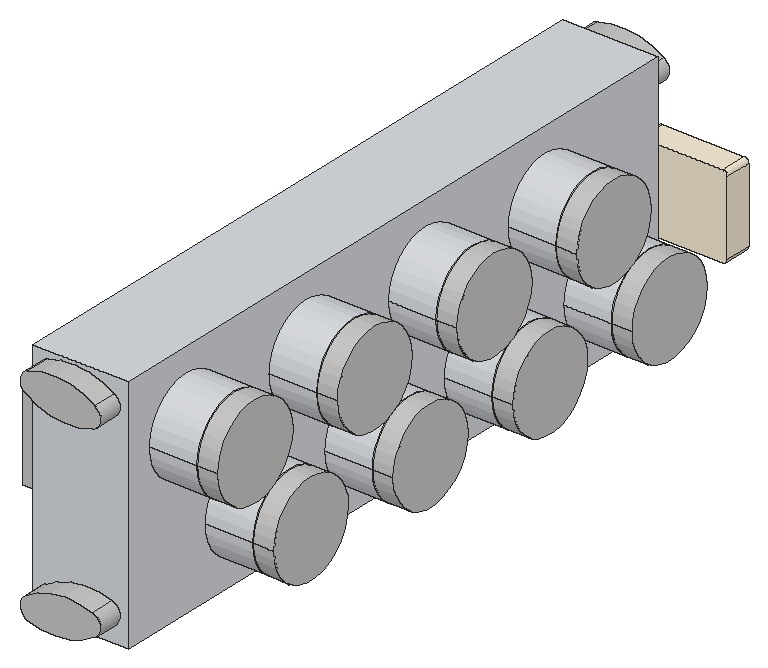
Revit family "HVAC_Ductwork_Airzone_Motorized-Plenum_Toshiba_Standard_8-Dampers", category Mechanical Equipment, Revit 2016
Family settings
  Part Type = Normal
  Round Connector Dimension = Use Diameter
  OmniClass Number = 23.75.70.14
  OmniClass Title = Air Ductwork
  Work Plane-Based = No
  Always vertical = Yes
  Cut with Voids When Loaded = No
  Shared = No
  Room Calculation Point = No
Parameters (values of type "TOSST01L8")
  Voltage = 230 V
  URL = "www.airzone.es"
  Type Image Comments = "Image available in product documentation download"  # constant formula
  Revit Model Version = "1.0"  # constant formula
  Revit Model Author URL = "www.a3d.es"
  Revit Model Author = "A3D Consulting"  # constant formula
  Product Documentation Download URL = "http://doc.airzone.es/BIM/Easyzone/Toshiba-Airzone_motorized_plenum.zip"
  Product Comments = "Refer to technical documentation for further details"  # constant formula
  Power Factor = 1
  Neck Width = 1163.600 mm
  Neck Length = 95.000 mm
  Neck Height = 213.600 mm
  Material = Metal - AIRZONE - Galvanized Sheet - Semi-polished
  Main Control Board Material = Plastic - AIRZONE - Smooth - Off-white
  Load Classification = Other
  Insulated Body Width = 205.000 mm  # constant formula
  Insulated Body Material = Metal -AIRZONE - Insulating Lining -Aluminum Finish
  Insulated Body Length = 1425.000 mm  # constant formula
  Insulated Body Height = 515.000 mm  # constant formula
  Fresh Air Inlet 4 Flow [instance] = 0 m³/h
  Fresh Air Inlet 3 Flow [instance] = 0 m³/h
  Flow [instance] = Damper 8 Air Flow + Damper 7 Air Flow + Damper 6 Air Flow + Damper 5 Air Flow + Damper 4 Air Flow + Damper 3 Air Flow + Damper 2 Air Flow + Damper 1 Air Flow - Fresh Air Inlet 4 Flow - Fresh Air Inlet 3 Flow - Fresh Air Inlet 2 Flow - Fresh Air Inlet 1 Flow  # 2400 m³/h
  Fresh Air Inlet 1 Flow [instance] = 0 m³/h
  Fresh Air Inlet 2 Flow [instance] = 0 m³/h
  Fresh Air Inlet Connection Width = 175.000 mm
  Fresh Air Inlet Connection Height = 75.000 mm
  Model = "TOSST01L8"
  Neck Side Offset = 170.700 mm
  Neck Bottom Offset = 170.700 mm
  Type Image = <None>
  Manufacturer = "AIRZONE"  # constant formula
  Main Control Board Depth = 57.000 mm  # constant formula
  Main Control Board Width = 195.000 mm  # constant formula
  Main Control Board Height = 180.000 mm  # constant formula
  Fixing = ""
  Disclaimer = "All information provided in this model is reviewed before being published. However, Airzone cannot guarantee this model is error-free, therefore users are strongly encouraged to check for technical documentation and updates"  # constant formula
  Description = "Airzone standard motorized plenum with neck that mechanically adapts to the main ducted AC units of Toshiba."
  Type Comments = ""
  Dampers Length = 149.000 mm  # constant formula
  Dampers Diameter = 200.000 mm  # constant formula
  Damper 8 Air Flow [instance] = 300 m³/h
  Damper 7 Air Flow [instance] = 300 m³/h
  Damper 6 Air Flow [instance] = 300 m³/h
  Damper 5 Air Flow [instance] = 300 m³/h
  Damper 4 Air Flow [instance] = 300 m³/h
  Damper 1 Air Flow [instance] = 300 m³/h
  Damper 2 Air Flow [instance] = 300 m³/h
  Damper 3 Air Flow [instance] = 300 m³/h
  Fresh Air Inlet Connection Offset Height = 48.305 mm  # constant formula
  Compatible Accesories = ""
  Apparent Load = 57.5 VA
Types (4, lengths in mm): name | Neck Width | Neck Height | Model | Neck Side Offset | Neck Bottom Offset
  TOSST04L8 | 1343.600 | 183.600 | "TOSST04L8" | 40.700 | 194.700
  TOSST03L8 | 1343.600 | 183.600 | "TOSST03L8" | 40.700 | 183.200
  TOSST02L8 | 1155.600 | 220.600 | "TOSST02L8" | 174.700 | 164.700
  TOSST01L8 | 1163.600 | 213.600 | "TOSST01L8" | 170.700 | 170.700
Reference planes
  plane 1 "Center (Front/Back)": y = 0
  plane 2 "Center (Elevation)": z = 0
  plane 3 "Center (Left/Right)": x = 0
  plane 4 "Neck Back": y = 581.8
  plane 5 "Neck Front": y = -581.8
  plane 6 "Neck Top": z = 106.8
  plane 7 "Neck Bottom": z = -106.8
  plane 8 "Left": x = 95
  plane 9 "Bottom": z = -277.5
  plane 10 "Top": z = 237.5
  plane 11 "Front": y = -672.5
  plane 12 "Back": y = 752.5
  plane 13 "Right": x = 300
  plane 14 "Dampers Front": x = 449
  plane 15 "Dampers L1 Center (Elevation)": z = 87.5
  plane 16 "Damper3": y = -195.84
  plane 17 "Damper2": y = 125.83
  plane 18 "Damper1": y = 447.5
  plane 19 "Middle": y = 40
  plane 20 "FreshAir L2 Center (Elevation)": z = -229.195
  plane 21 "FreshAir1": y = 805
  plane 22 "FreshAir2": y = -725
  plane 23 "Dampers Lining": x = 404
  plane 24 "FreshAir Vertical Axis": x = 195.83
  plane 25 "ConnectionBox Side": x = 254
  plane 26 "Main Control Board Center (Left/Right)": x = 351.5
  plane 27 "Damper4": y = -517.51
  plane 28 "Dampers L2 Center (Elevation)": z = -127.5
  plane 29 "Damper5": y = 597.51
  plane 30 "Damper6": y = 275.84
  plane 31 "Damper7": y = -45.83
  plane 32 "Damper8": y = -367.5
  plane 33 "InsulatedBody Center (Elevation)": z = -20
  plane 34 "FreshAir L1 Center (Elevation)": z = 189.195
Forms (mm)
  Extrusion 1, solid, material "Metal - AIRZONE - Galvanized Sheet - Semi-polished" <- "Material"
    sketch origin (0, 0, 0) x (0, 1, 0) y (0, 0, 1)
      loop
        line (-581.8, 106.8) -> (-581.8, -106.8) -> (581.8, -106.8) -> (581.8, 106.8) -> (-581.8, 106.8)
    from 0 to 95
  Extrusion 2, solid, material "Metal -AIRZONE - Insulating Lining -Aluminum Finish" <- "Insulated Body Material"
    sketch origin (95, 0, 0) x (0, 1, 0) y (0, 0, 1)
      loop
        line (-672.5, 237.5) -> (-672.5, -277.5) -> (752.5, -277.5) -> (752.5, 237.5) -> (-672.5, 237.5)
    from 0 to 205
  Extrusion 3, solid, material "Metal - AIRZONE - Galvanized Sheet - Semi-polished" <- "Material"
    sketch origin (300, 0, 0) x (0, 1, 0) y (0, 0, 1)
      loop
        circle (-195.84, 87.5) r 100
    from 104 to 149
  Extrusion 4, solid, material "Metal - AIRZONE - Galvanized Sheet - Semi-polished" <- "Material"
    sketch origin (300, 0, 0) x (0, 1, 0) y (0, 0, 1)
      loop
        circle (125.83, 87.5) r 100
    from 104 to 149
  Extrusion 5, solid, material "Metal - AIRZONE - Galvanized Sheet - Semi-polished" <- "Material"
    sketch origin (300, 0, 0) x (0, 1, 0) y (0, 0, 1)
      loop
        circle (447.5, 87.5) r 100
    from 104 to 149
  Extrusion 6, solid, material "Metal - AIRZONE - Galvanized Sheet - Semi-polished" <- "Material"
    sketch origin (0, -672.5, 0) x (0, 0, 1) y (1, 0, 0)
      loop
        arc (-196.641, 265.204) -> (-218.108, 282.105) -> (-242.812, 270.434) r 25.96
        arc (-242.812, 270.434) -> (-268.802, 200.598) -> (-261.349, 126.456) r 164.67
        arc (-261.349, 126.456) -> (-240.165, 109.589) -> (-215.494, 120.751) r 25.96
        arc (-215.494, 120.751) -> (-189.225, 190.78) -> (-196.641, 265.204) r 164.67
    from 0 to -52.5
  Extrusion 7, solid, material "Metal - AIRZONE - Galvanized Sheet - Semi-polished" <- "Material"
    sketch origin (0, 752.5, 0) x (0, 0, 1) y (1, 0, 0)
      loop
        arc (-196.641, 265.204) -> (-217.825, 282.071) -> (-242.496, 270.909) r 25.96
        arc (-242.496, 270.909) -> (-268.679, 201.53) -> (-261.767, 127.699) r 164.67
        arc (-261.767, 127.699) -> (-240.532, 109.637) -> (-215.178, 121.226) r 25.96
        arc (-215.178, 121.226) -> (-189.188, 191.062) -> (-196.641, 265.204) r 164.67
    from 0 to 52.5
  Extrusion 8, solid, material "Metal -AIRZONE - Insulating Lining -Aluminum Finish" <- "Insulated Body Material"
    sketch origin (300, 0, 0) x (0, 1, 0) y (0, 0, 1)
      loop
        circle (447.5, 87.5) r 100
    from 0 to 104
  Extrusion 9, solid, material "Metal -AIRZONE - Insulating Lining -Aluminum Finish" <- "Insulated Body Material"
    sketch origin (300, -260, 0) x (0, 1, 0) y (0, 0, 1)
      loop
        circle (385.83, 87.5) r 100
    from 0 to 104
  Extrusion 10, solid, material "Metal -AIRZONE - Insulating Lining -Aluminum Finish" <- "Insulated Body Material"
    sketch origin (300, -520, 0) x (0, 1, 0) y (0, 0, 1)
      loop
        circle (324.16, 87.5) r 100
    from 0 to 104
  Extrusion 11, solid, material "Metal - AIRZONE - Galvanized Sheet - Semi-polished" <- "Material"
    sketch origin (300, -190, 0) x (0, 1, 0) y (0, 0, 1)
      loop
        circle (-327.51, 87.5) r 100
    from 104 to 149
  Extrusion 12, solid, material "Metal -AIRZONE - Insulating Lining -Aluminum Finish" <- "Insulated Body Material"
    sketch origin (300, -710, 0) x (0, 1, 0) y (0, 0, 1)
      loop
        circle (192.49, 87.5) r 100
    from 0 to 104
  Extrusion 13, solid, material "Metal -AIRZONE - Insulating Lining -Aluminum Finish" <- "Insulated Body Material"
    sketch origin (300, -100, 0) x (0, 1, 0) y (0, 0, 1)
      loop
        circle (697.51, -127.5) r 100
    from 0 to 104
  Extrusion 14, solid, material "Metal - AIRZONE - Galvanized Sheet - Semi-polished" <- "Material"
    sketch origin (300, 150.01, 0) x (0, 1, 0) y (0, 0, 1)
      loop
        circle (447.5, -127.5) r 100
    from 104 to 149
  Extrusion 15, solid, material "Metal -AIRZONE - Insulating Lining -Aluminum Finish" <- "Insulated Body Material"
    sketch origin (300, -421.67, 0) x (0, 1, 0) y (0, 0, 1)
      loop
        circle (697.51, -127.5) r 100
    from 0 to 104
  Extrusion 16, solid, material "Metal - AIRZONE - Galvanized Sheet - Semi-polished" <- "Material"
    sketch origin (300, -171.66, 0) x (0, 1, 0) y (0, 0, 1)
      loop
        circle (447.5, -127.5) r 100
    from 104 to 149
  Extrusion 17, solid, material "Metal -AIRZONE - Insulating Lining -Aluminum Finish" <- "Insulated Body Material"
    sketch origin (300, -743.34, 0) x (0, 1, 0) y (0, 0, 1)
      loop
        circle (697.51, -127.5) r 100
    from 0 to 104
  Extrusion 18, solid, material "Metal - AIRZONE - Galvanized Sheet - Semi-polished" <- "Material"
    sketch origin (300, -493.33, 0) x (0, 1, 0) y (0, 0, 1)
      loop
        circle (447.5, -127.5) r 100
    from 104 to 149
  Extrusion 19, solid, material "Metal -AIRZONE - Insulating Lining -Aluminum Finish" <- "Insulated Body Material"
    sketch origin (300, -1065.01, 0) x (0, 1, 0) y (0, 0, 1)
      loop
        circle (697.51, -127.5) r 100
    from 0 to 104
  Extrusion 20, solid, material "Metal - AIRZONE - Galvanized Sheet - Semi-polished" <- "Material"
    sketch origin (300, -815, 0) x (0, 1, 0) y (0, 0, 1)
      loop
        circle (447.5, -127.5) r 100
    from 104 to 149
  Extrusion 21, solid, material "Metal - AIRZONE - Galvanized Sheet - Semi-polished" <- "Material"
    sketch origin (0, -672.5, -30) x (0, 0, -1) y (-1, 0, 0)
      loop
        arc (-186.641, -265.204) -> (-179.225, -190.78) -> (-205.494, -120.751) r 164.67
        arc (-205.494, -120.751) -> (-230.165, -109.589) -> (-251.349, -126.456) r 25.96
        arc (-251.349, -126.456) -> (-258.802, -200.598) -> (-232.812, -270.434) r 164.67
        arc (-232.812, -270.434) -> (-208.108, -282.105) -> (-186.641, -265.204) r 25.96
    from 0 to -52.5
  Extrusion 22, solid, material "Metal - AIRZONE - Galvanized Sheet - Semi-polished" <- "Material"
    sketch origin (0, 752.5, -30) x (0, 0, -1) y (-1, 0, 0)
      loop
        arc (-186.641, -265.204) -> (-179.188, -191.062) -> (-205.178, -121.226) r 164.67
        arc (-205.178, -121.226) -> (-230.532, -109.637) -> (-251.767, -127.699) r 25.96
        arc (-251.767, -127.699) -> (-258.679, -201.53) -> (-232.496, -270.909) r 164.67
        arc (-232.496, -270.909) -> (-207.825, -282.071) -> (-186.641, -265.204) r 25.96
    from 0 to 52.5
Lines and regions (mm)
  Masking region 1
    outline origin (0, 0, 0) x (1, 0, 0) y (0, 1, 0)
      loop
        line (95, 752.5) -> (95, -672.5) -> (300, -672.5) -> (300, 752.5) -> (95, 752.5)
  Masking region 2, detail levels medium+fine
    outline origin (0, 0, 0) x (1, 0, 0) y (0, 1, 0)
      loop
        line (0, 581.8) -> (0, -581.8) -> (95, -581.8) -> (95, 581.8) -> (0, 581.8)
  Masking region 3, detail levels medium+fine
    outline origin (0, 0, -229.195) x (1, 0, 0) y (0, 1, 0)
      loop
        line (108.33, 805) -> (108.33, 752.5) -> (283.33, 752.5) -> (283.33, 805) -> (108.33, 805)
  Masking region 4, detail levels medium+fine
    outline origin (0, 0, -229.195) x (1, 0, 0) y (0, 1, 0)
      loop
        line (108.33, -672.5) -> (108.33, -725) -> (283.33, -725) -> (283.33, -672.5) -> (108.33, -672.5)
  Masking region 5, detail levels medium+fine
    outline origin (0, 0, 0) x (1, 0, 0) y (0, 1, 0)
      loop
        line (254, 809.5) -> (254, 752.5) -> (449, 752.5) -> (449, 809.5) -> (254, 809.5)
  Masking region 6, detail levels medium+fine
    outline origin (0, 0, 87.5) x (0, -1, 0) y (1, 0, 0)
      loop
        line (417.51, 300) -> (617.51, 300) -> (617.51, 449) -> (417.51, 449) -> (417.51, 300)
  Masking region 7, detail levels medium+fine
    outline origin (0, 321.67, 87.5) x (0, -1, 0) y (1, 0, 0)
      loop
        line (417.51, 300) -> (617.51, 300) -> (617.51, 449) -> (417.51, 449) -> (417.51, 300)
  Masking region 8, detail levels medium+fine
    outline origin (0, 643.34, 87.5) x (0, -1, 0) y (1, 0, 0)
      loop
        line (417.51, 300) -> (617.51, 300) -> (617.51, 449) -> (417.51, 449) -> (417.51, 300)
  Masking region 9, detail levels medium+fine
    outline origin (0, 965.01, 87.5) x (0, -1, 0) y (1, 0, 0)
      loop
        line (417.51, 300) -> (617.51, 300) -> (617.51, 449) -> (417.51, 449) -> (417.51, 300)
  Masking region 10, detail levels medium+fine
    outline origin (0, 0, -127.5) x (0, -1, 0) y (1, 0, 0)
      loop
        line (-697.51, 300) -> (-497.51, 300) -> (-497.51, 449) -> (-697.51, 449) -> (-697.51, 300)
  Masking region 11, detail levels medium+fine
    outline origin (0, -321.67, -127.5) x (0, -1, 0) y (1, 0, 0)
      loop
        line (-697.51, 300) -> (-497.51, 300) -> (-497.51, 449) -> (-697.51, 449) -> (-697.51, 300)
  Masking region 12, detail levels medium+fine
    outline origin (0, -643.34, -127.5) x (0, -1, 0) y (1, 0, 0)
      loop
        line (-697.51, 300) -> (-497.51, 300) -> (-497.51, 449) -> (-697.51, 449) -> (-697.51, 300)
  Masking region 13, detail levels medium+fine
    outline origin (0, -965.01, -127.5) x (0, -1, 0) y (1, 0, 0)
      loop
        line (-697.51, 300) -> (-497.51, 300) -> (-497.51, 449) -> (-697.51, 449) -> (-697.51, 300)
  symbolic lines, detail levels coarse
    curve 1: line (95, -672.5, 0) -> (300, 40, 0)
    curve 2: line (300, 40, 0) -> (95, 752.5, 0)
Dimensions and locks
  equal spacing: plane 4 "Neck Back", plane 1 "Center (Front/Back)", plane 5 "Neck Front"
  "Neck Width": plane 4 "Neck Back" to plane 5 "Neck Front"
  equal spacing: plane 6 "Neck Top", level, plane 7 "Neck Bottom"
  "Neck Height": plane 6 "Neck Top" to plane 7 "Neck Bottom"
  "Neck Length": plane 3 "Center (Left/Right)" to plane 8 "Left"
  "Neck Bottom Offset": plane 7 "Neck Bottom" to plane 9 "Bottom"
  "Insulated Body Height": plane 10 "Top" to plane 9 "Bottom"
  "Insulated Body Length": plane 12 "Back" to plane 11 "Front"
  "Insulated Body Width": plane 8 "Left" to plane 13 "Right"
  "Dampers Length": plane 13 "Right" to plane 14 "Dampers Front"
  equal spacing: plane 12 "Back", plane 19 "Middle", plane 11 "Front"
  plane 8 "Left" to plane 13 "Right" = 205.000 mm
  "Fresh Air Inlet Connection Offset Height": plane 20 "FreshAir L2 Center (Elevation)" to plane 9 "Bottom"
  locked: Extrusion 6 sketch curve to plane 9 "Bottom" at 56.47
  locked: plane 13 "Right" to Extrusion 6 sketch curve at 43.69
  locked: plane 13 "Right" to Extrusion 6 sketch curve at 164.65
  locked: Extrusion 6 sketch curve to plane 9 "Bottom" at 40.54
  locked: plane 13 "Right" to Extrusion 6 sketch curve at 87.91
  locked: plane 9 "Bottom" to Extrusion 6 sketch curve at 75.01
  locked: plane 13 "Right" to Extrusion 6 sketch curve at 120.43
  locked: Extrusion 6 sketch curve to plane 9 "Bottom" at 172.02
  locked: plane 13 "Right" to Extrusion 7 sketch curve at 43.69
  locked: Extrusion 7 sketch curve to plane 9 "Bottom" at 56.47
  locked: Extrusion 7 sketch curve to plane 9 "Bottom" at 40.54
  locked: plane 13 "Right" to Extrusion 7 sketch curve at 164.65
  locked: plane 13 "Right" to Extrusion 7 sketch curve at 120.43
  locked: Extrusion 7 sketch curve to plane 9 "Bottom" at 172.02
  locked: plane 9 "Bottom" to Extrusion 7 sketch curve at 75.01
  locked: plane 13 "Right" to Extrusion 7 sketch curve at 87.91
  "Neck Side Offset": plane 12 "Back" to plane 4 "Neck Back"
  locked: plane 21 "FreshAir1" to plane 12 "Back" at 52.5
  plane 11 "Front" to plane 22 "FreshAir2" = 52.500 mm
  locked: connector elem to plane 13 "Right" at 104.17
  locked: plane 20 "FreshAir L2 Center (Elevation)" to connector elem
  locked: plane 13 "Right" to connector elem at 104.17
  locked: connector elem to plane 20 "FreshAir L2 Center (Elevation)"
  locked: plane 23 "Dampers Lining" to plane 14 "Dampers Front" at 45
  locked: plane 24 "FreshAir Vertical Axis" to plane 13 "Right" at 104.17
  equal spacing: Masking region 3 sketch curve, plane 24 "FreshAir Vertical Axis", Masking region 3 sketch curve
  "Fresh Air Inlet Connection Width": Masking region 3 sketch curve to Masking region 3 sketch curve
  equal spacing: Masking region 4 sketch curve, plane 24 "FreshAir Vertical Axis", Masking region 4 sketch curve
  "Fresh Air Inlet Connection Width": Masking region 4 sketch curve to Masking region 4 sketch curve
  "Main Control Board Depth": Masking region 5 sketch curve to plane 12 "Back"
  "Main Control Board Width": plane 25 "ConnectionBox Side" to plane 14 "Dampers Front"
  equal spacing: plane 25 "ConnectionBox Side", plane 26 "Main Control Board Center (Left/Right)", plane 14 "Dampers Front"
  equal spacing: Masking region 6 sketch curve, plane 27 "Damper4", Masking region 6 sketch curve
  "Dampers Diameter": Masking region 6 sketch curve to Masking region 6 sketch curve
  plane 18 "Damper1" to plane 17 "Damper2" to plane 16 "Damper3" to plane 27 "Damper4" = 321.670 mm locked, 321.670 mm locked, 321.670 mm locked
  locked: plane 17 "Damper2" to plane 19 "Middle" at 85.83
  locked: plane 10 "Top" to plane 15 "Dampers L1 Center (Elevation)" at 150
  locked: plane 28 "Dampers L2 Center (Elevation)" to plane 9 "Bottom" at 150
  plane 29 "Damper5" to plane 30 "Damper6" to plane 31 "Damper7" to plane 32 "Damper8" = 321.670 mm locked, 321.670 mm locked, 321.670 mm locked
  locked: plane 19 "Middle" to plane 31 "Damper7" at 85.83
  equal spacing: Masking region 7 sketch curve, plane 16 "Damper3", Masking region 7 sketch curve
  "Dampers Diameter": Masking region 7 sketch curve to Masking region 7 sketch curve
  equal spacing: Masking region 8 sketch curve, plane 17 "Damper2", Masking region 8 sketch curve
  "Dampers Diameter": Masking region 8 sketch curve to Masking region 8 sketch curve
  equal spacing: Masking region 9 sketch curve, plane 18 "Damper1", Masking region 9 sketch curve
  "Dampers Diameter": Masking region 9 sketch curve to Masking region 9 sketch curve
  equal spacing: Masking region 10 sketch curve, plane 29 "Damper5", Masking region 10 sketch curve
  "Dampers Diameter": Masking region 10 sketch curve to Masking region 10 sketch curve
  equal spacing: Masking region 11 sketch curve, plane 30 "Damper6", Masking region 11 sketch curve
  "Dampers Diameter": Masking region 11 sketch curve to Masking region 11 sketch curve
  equal spacing: Masking region 12 sketch curve, plane 31 "Damper7", Masking region 12 sketch curve
  "Dampers Diameter": Masking region 12 sketch curve to Masking region 12 sketch curve
  equal spacing: Masking region 13 sketch curve, plane 32 "Damper8", Masking region 13 sketch curve
  "Dampers Diameter": Masking region 13 sketch curve to Masking region 13 sketch curve
  equal spacing: plane 10 "Top", plane 33 "InsulatedBody Center (Elevation)", plane 9 "Bottom"
  locked: plane 13 "Right" to Extrusion 21 sketch curve at 43.69
  locked: plane 13 "Right" to Extrusion 21 sketch curve at 87.91
  locked: plane 13 "Right" to Extrusion 21 sketch curve at 120.43
  locked: plane 13 "Right" to Extrusion 21 sketch curve at 164.65
  locked: Extrusion 21 sketch curve to plane 10 "Top" at 75.01
  locked: plane 10 "Top" to Extrusion 21 sketch curve at 40.54
  locked: plane 10 "Top" to Extrusion 21 sketch curve at 56.47
  locked: plane 10 "Top" to Extrusion 21 sketch curve at 172.02
  locked: plane 10 "Top" to Extrusion 22 sketch curve at 75.01
  locked: Extrusion 22 sketch curve to plane 10 "Top" at 40.54
  locked: Extrusion 22 sketch curve to plane 10 "Top" at 56.47
  locked: Extrusion 22 sketch curve to plane 10 "Top" at 172.02
  locked: plane 13 "Right" to Extrusion 22 sketch curve at 43.69
  locked: plane 13 "Right" to Extrusion 22 sketch curve at 87.91
  locked: plane 13 "Right" to Extrusion 22 sketch curve at 120.43
  locked: plane 13 "Right" to Extrusion 22 sketch curve at 164.65
  "Fresh Air Inlet Connection Offset Height": plane 10 "Top" to plane 34 "FreshAir L1 Center (Elevation)"
  locked: connector elem to plane 24 "FreshAir Vertical Axis"  (x2)
  locked: connector elem to plane 34 "FreshAir L1 Center (Elevation)"  (x2)
  "Dampers Diameter": diameter of Extrusion 3 sketch curve
  "Dampers Diameter": diameter of Extrusion 4 sketch curve
  "Dampers Diameter": diameter of Extrusion 5 sketch curve
  radius of Extrusion 7 sketch curve = 164.670 mm  (x2)
  radius of Extrusion 7 sketch curve = 25.960 mm  (x2)
  radius of Extrusion 6 sketch curve = 164.670 mm  (x2)
  radius of Extrusion 6 sketch curve = 25.960 mm  (x2)
  "Dampers Diameter": diameter of Extrusion 8 sketch curve
  "Dampers Diameter": diameter of Extrusion 9 sketch curve
  "Dampers Diameter": diameter of Extrusion 10 sketch curve
  "Dampers Diameter": diameter of Extrusion 11 sketch curve
  "Dampers Diameter": diameter of Extrusion 12 sketch curve
  "Dampers Diameter": diameter of Extrusion 13 sketch curve
  "Dampers Diameter": diameter of Extrusion 14 sketch curve
  "Dampers Diameter": diameter of Extrusion 15 sketch curve
  "Dampers Diameter": diameter of Extrusion 16 sketch curve
  "Dampers Diameter": diameter of Extrusion 17 sketch curve
  "Dampers Diameter": diameter of Extrusion 18 sketch curve
  "Dampers Diameter": diameter of Extrusion 19 sketch curve
  "Dampers Diameter": diameter of Extrusion 20 sketch curve
  radius of Extrusion 21 sketch curve = 164.670 mm  (x2)
  radius of Extrusion 21 sketch curve = 25.960 mm  (x2)
  radius of Extrusion 22 sketch curve = 164.670 mm  (x2)
  radius of Extrusion 22 sketch curve = 25.960 mm  (x2)
  aligned and locked: level to plane 2 "Center (Elevation)"
  aligned and locked: plane 5 "Neck Front" to Extrusion 1 sketch curve
  aligned and locked: Extrusion 1 sketch curve to plane 6 "Neck Top"
  aligned and locked: Extrusion 1 sketch curve to plane 4 "Neck Back"
  aligned and locked: plane 7 "Neck Bottom" to Extrusion 1 sketch curve
  aligned and locked: Extrusion 1 to plane 3 "Center (Left/Right)"
  aligned and locked: Extrusion 2 sketch curve to plane 10 "Top"
  aligned and locked: Extrusion 2 sketch curve to plane 12 "Back"
  aligned and locked: plane 9 "Bottom" to Extrusion 2 sketch curve
  aligned and locked: plane 11 "Front" to Extrusion 2 sketch curve
  aligned and locked: plane 13 "Right" to Extrusion 2
  aligned and locked: Extrusion 2 to plane 8 "Left"
  aligned and locked: plane 16 "Damper3" to Extrusion 3 sketch curve
  aligned and locked: plane 15 "Dampers L1 Center (Elevation)" to Extrusion 3 sketch curve
  aligned and locked: plane 15 "Dampers L1 Center (Elevation)" to Extrusion 4 sketch curve
  aligned and locked: plane 18 "Damper1" to Extrusion 5 sketch curve
  aligned and locked: plane 15 "Dampers L1 Center (Elevation)" to Extrusion 5 sketch curve
  aligned and locked: plane 14 "Dampers Front" to Extrusion 5
  aligned and locked: plane 14 "Dampers Front" to Extrusion 4
  aligned and locked: plane 14 "Dampers Front" to Extrusion 3
  aligned and locked: plane 8 "Left" to Extrusion 1
  aligned and locked: plane 22 "FreshAir2" to Extrusion 6
  aligned and locked: plane 21 "FreshAir1" to Extrusion 7
  aligned and locked: Extrusion 7 to plane 12 "Back"
  aligned and locked: plane 11 "Front" to Extrusion 6
  aligned and locked: Extrusion 5 to plane 23 "Dampers Lining"
  aligned and locked: Extrusion 5 to Extrusion 4
  aligned and locked: Extrusion 4 to Extrusion 3
  aligned and locked: plane 23 "Dampers Lining" to Extrusion 8
  aligned and locked: Extrusion 10 to plane 13 "Right"
  aligned and locked: plane 23 "Dampers Lining" to Extrusion 10
  aligned and locked: Extrusion 9 to plane 13 "Right"
  aligned and locked: plane 23 "Dampers Lining" to Extrusion 9
  aligned and locked: Extrusion 8 to plane 13 "Right"
  aligned and locked: Extrusion 9 to Extrusion 8
  aligned and locked: plane 18 "Damper1" to Extrusion 8 sketch curve
  aligned and locked: plane 15 "Dampers L1 Center (Elevation)" to Extrusion 8 sketch curve
  aligned and locked: plane 15 "Dampers L1 Center (Elevation)" to Extrusion 9 sketch curve
  aligned and locked: plane 16 "Damper3" to Extrusion 10 sketch curve
  aligned and locked: plane 15 "Dampers L1 Center (Elevation)" to Extrusion 10 sketch curve
  aligned and locked: Masking region 1 sketch curve to plane 12 "Back"
  aligned and locked: plane 8 "Left" to Masking region 1 sketch curve
  aligned and locked: Masking region 1 sketch curve to plane 13 "Right"
  aligned and locked: plane 11 "Front" to Masking region 1 sketch curve
  aligned and locked: plane 5 "Neck Front" to Masking region 2 sketch curve
  aligned and locked: plane 3 "Center (Left/Right)" to Masking region 2 sketch curve
  aligned and locked: Masking region 2 sketch curve to plane 4 "Neck Back"
  aligned and locked: Masking region 2 sketch curve to plane 8 "Left"
  aligned and locked: plane 12 "Back" to Masking region 3 sketch curve
  aligned and locked: Masking region 3 sketch curve to plane 21 "FreshAir1"
  aligned and locked: Masking region 4 sketch curve to plane 11 "Front"
  aligned and locked: Masking region 4 sketch curve to plane 22 "FreshAir2"
  aligned and locked: plane 12 "Back" to Masking region 5 sketch curve
  aligned and locked: Masking region 5 sketch curve to plane 14 "Dampers Front"
  aligned and locked: plane 25 "ConnectionBox Side" to Masking region 5 sketch curve
  aligned and locked: plane 17 "Damper2" to Extrusion 9 sketch curve
  aligned and locked: plane 17 "Damper2" to Extrusion 4 sketch curve
  aligned and locked: Masking region 6 sketch curve to plane 14 "Dampers Front"
  aligned and locked: plane 13 "Right" to Masking region 6 sketch curve
  aligned and locked: Extrusion 12 to plane 13 "Right"
  aligned and locked: plane 23 "Dampers Lining" to Extrusion 12
  aligned and locked: Extrusion 11 to plane 23 "Dampers Lining"
  aligned and locked: plane 14 "Dampers Front" to Extrusion 11
  aligned and locked: plane 15 "Dampers L1 Center (Elevation)" to Extrusion 12 sketch curve
  aligned and locked: plane 27 "Damper4" to Extrusion 12 sketch curve
  aligned and locked: plane 15 "Dampers L1 Center (Elevation)" to Extrusion 11 sketch curve
  aligned and locked: plane 27 "Damper4" to Extrusion 11 sketch curve
  aligned and locked: Extrusion 13 to plane 13 "Right"
  aligned and locked: plane 23 "Dampers Lining" to Extrusion 13
  aligned and locked: plane 28 "Dampers L2 Center (Elevation)" to Extrusion 13 sketch curve
  aligned and locked: plane 29 "Damper5" to Extrusion 13 sketch curve
  aligned and locked: Extrusion 14 to plane 23 "Dampers Lining"
  aligned and locked: plane 14 "Dampers Front" to Extrusion 14
  aligned and locked: plane 28 "Dampers L2 Center (Elevation)" to Extrusion 14 sketch curve
  aligned and locked: plane 29 "Damper5" to Extrusion 14 sketch curve
  aligned and locked: Extrusion 15 to plane 13 "Right"
  aligned and locked: plane 23 "Dampers Lining" to Extrusion 15
  aligned and locked: Extrusion 17 to plane 13 "Right"
  aligned and locked: plane 23 "Dampers Lining" to Extrusion 17
  aligned and locked: Extrusion 19 to plane 13 "Right"
  aligned and locked: plane 23 "Dampers Lining" to Extrusion 19
  aligned and locked: Extrusion 20 to plane 23 "Dampers Lining"
  aligned and locked: plane 14 "Dampers Front" to Extrusion 20
  aligned and locked: Extrusion 18 to plane 23 "Dampers Lining"
  aligned and locked: plane 14 "Dampers Front" to Extrusion 18
  aligned and locked: Extrusion 16 to plane 23 "Dampers Lining"
  aligned and locked: plane 14 "Dampers Front" to Extrusion 16
  aligned and locked: plane 30 "Damper6" to Extrusion 16 sketch curve
  aligned and locked: plane 28 "Dampers L2 Center (Elevation)" to Extrusion 16 sketch curve
  aligned and locked: plane 31 "Damper7" to Extrusion 18 sketch curve
  aligned and locked: plane 28 "Dampers L2 Center (Elevation)" to Extrusion 18 sketch curve
  aligned and locked: plane 32 "Damper8" to Extrusion 20 sketch curve
  aligned and locked: plane 28 "Dampers L2 Center (Elevation)" to Extrusion 20 sketch curve
  aligned and locked: plane 32 "Damper8" to Extrusion 19 sketch curve
  aligned and locked: plane 28 "Dampers L2 Center (Elevation)" to Extrusion 19 sketch curve
  aligned and locked: plane 28 "Dampers L2 Center (Elevation)" to Extrusion 17 sketch curve
  aligned and locked: plane 31 "Damper7" to Extrusion 17 sketch curve
  aligned and locked: plane 30 "Damper6" to Extrusion 15 sketch curve
  aligned and locked: plane 28 "Dampers L2 Center (Elevation)" to Extrusion 15 sketch curve
  aligned and locked: plane 13 "Right" to Masking region 7 sketch curve
  aligned and locked: Masking region 7 sketch curve to plane 14 "Dampers Front"
  aligned and locked: plane 13 "Right" to Masking region 8 sketch curve
  aligned and locked: Masking region 8 sketch curve to plane 14 "Dampers Front"
  aligned and locked: plane 13 "Right" to Masking region 9 sketch curve
  aligned and locked: Masking region 9 sketch curve to plane 14 "Dampers Front"
  aligned and locked: plane 13 "Right" to Masking region 10 sketch curve
  aligned and locked: Masking region 10 sketch curve to plane 14 "Dampers Front"
  aligned and locked: plane 13 "Right" to Masking region 13 sketch curve
  aligned and locked: Masking region 13 sketch curve to plane 14 "Dampers Front"
  aligned and locked: plane 13 "Right" to Masking region 12 sketch curve
  aligned and locked: Masking region 12 sketch curve to plane 14 "Dampers Front"
  aligned and locked: plane 13 "Right" to Masking region 11 sketch curve
  aligned and locked: Masking region 11 sketch curve to plane 14 "Dampers Front"
  aligned and locked: plane 11 "Front" to Extrusion 21
  aligned and locked: plane 22 "FreshAir2" to Extrusion 21
  aligned and locked: plane 21 "FreshAir1" to Extrusion 22
  aligned and locked: Extrusion 22 to plane 12 "Back"
  aligned and locked: nested 1 to plane 12 "Back"
  aligned and locked: nested 1 to plane 26 "Main Control Board Center (Left/Right)"
  aligned and locked: nested 1 to plane 33 "InsulatedBody Center (Elevation)"
Automatic sketch dimensions
  curve 2 to plane 8 "Left" = 0.000 mm
  curve 1 to plane 8 "Left" = 0.000 mm
  curve 2 to plane 13 "Right" = 0.000 mm
  curve 1 to plane 11 "Front" = 0.000 mm
  curve 2 to plane 19 "Middle" = 0.000 mm
  curve 2 to plane 12 "Back" = 0.000 mm
Nested families
  nested 1: "Airzone_Main-Control-Board" at (351.5, 752.5, -20) x (-1, 0, 0) z (0, 1, 0), Extrusion <- "Main Control Board Depth", Height <- "Main Control Board Height", Width <- "Main Control Board Width", Material <- "Main Control Board Material", type "Standard"
    with Width 195.000 mm, Material Plastic - AIRZONE - Smooth - Off-white, Height 180.000 mm, Extrusion 57.000 mm
Connectors
  hvac at (449, -195.84, 87.5), driven by "Damper 3 Air Flow", driven by "Dampers Diameter"
    settings: on Extrusion 3, index 1, duct flow 300 m³/h, flow factor 0, pres drop 0.0 Pa, loss coef 0, conn angle 0.00°, conn width 304.8 mm, conn height 304.8 mm, conn diameter 200 mm, duct sys type 1, conn prof type 0, flow config 0, flow direction 2, loss method 0, conn ref index -1, conn util no, is conn primary no, conn desc "Supply Air Out 3"
  hvac at (449, 125.83, 87.5), driven by "Damper 2 Air Flow", driven by "Dampers Diameter"
    settings: on Extrusion 4, index 2, duct flow 300 m³/h, flow factor 0, pres drop 0.0 Pa, loss coef 0, conn angle 0.00°, conn width 304.8 mm, conn height 304.8 mm, conn diameter 200 mm, duct sys type 1, conn prof type 0, flow config 0, flow direction 2, loss method 0, conn ref index -1, conn util no, is conn primary no, conn desc "Supply Air Out 2"
  hvac at (449, 447.5, 87.5), driven by "Damper 1 Air Flow", driven by "Dampers Diameter"
    settings: on Extrusion 5, index 3, duct flow 300 m³/h, flow factor 0, pres drop 0.0 Pa, loss coef 0, conn angle 0.00°, conn width 304.8 mm, conn height 304.8 mm, conn diameter 200 mm, duct sys type 1, conn prof type 0, flow config 0, flow direction 2, loss method 0, conn ref index -1, conn util no, is conn primary no, conn desc "Supply Air Out 1"
  hvac at (0, 0, 0), driven by "Flow", driven by "Neck Height", driven by "Neck Width"
    settings: on Extrusion 1, index 6, duct flow 2400 m³/h, flow factor 0, pres drop 0.0 Pa, loss coef 0, conn angle 0.00°, conn width 1163.6 mm, conn height 213.6 mm, conn diameter 609.6 mm, duct sys type 1, conn prof type 1, flow config 1, flow direction 1, loss method 0, conn ref index -1, conn util no, is conn primary yes, conn desc "Supply Air In"
  hvac at (195.83, -725, -229.195), driven by "Fresh Air Inlet 4 Flow", driven by "Fresh Air Inlet Connection Width", driven by "Fresh Air Inlet Connection Height"
    settings: index 7, duct flow 0 m³/h, flow factor 0, pres drop 0.0 Pa, loss coef 0, conn angle 0.00°, conn width 175 mm, conn height 75 mm, conn diameter 609.6 mm, duct sys type 1, conn prof type 2, flow config 1, flow direction 1, loss method 0, conn ref index -1, conn util no, is conn primary no, conn desc "Fresh Air In 4"
  hvac at (195.83, 805, -229.195), driven by "Fresh Air Inlet 3 Flow", driven by "Fresh Air Inlet Connection Height", driven by "Fresh Air Inlet Connection Width"
    settings: index 8, duct flow 0 m³/h, flow factor 0, pres drop 0.0 Pa, loss coef 0, conn angle 0.00°, conn width 175 mm, conn height 75 mm, conn diameter 609.6 mm, duct sys type 1, conn prof type 2, flow config 1, flow direction 1, loss method 0, conn ref index -1, conn util no, is conn primary no, conn desc "Fresh Air In 3"
  hvac at (449, -517.51, 87.5), driven by "Damper 4 Air Flow", driven by "Dampers Diameter"
    settings: on Extrusion 11, index 9, duct flow 300 m³/h, flow factor 0, pres drop 0.0 Pa, loss coef 0, conn angle 0.00°, conn width 304.8 mm, conn height 304.8 mm, conn diameter 200 mm, duct sys type 1, conn prof type 0, flow config 0, flow direction 2, loss method 0, conn ref index -1, conn util no, is conn primary no, conn desc "Supply Air Out 4"
  hvac at (449, 597.51, -127.5), driven by "Dampers Diameter", driven by "Damper 5 Air Flow"
    settings: on Extrusion 14, index 10, duct flow 300 m³/h, flow factor 0, pres drop 0.0 Pa, loss coef 0, conn angle 0.00°, conn width 304.8 mm, conn height 304.8 mm, conn diameter 200 mm, duct sys type 1, conn prof type 0, flow config 0, flow direction 2, loss method 0, conn ref index -1, conn util no, is conn primary no, conn desc ""
  hvac at (449, 275.84, -127.5), driven by "Dampers Diameter", driven by "Damper 6 Air Flow"
    settings: on Extrusion 16, index 11, duct flow 300 m³/h, flow factor 0, pres drop 0.0 Pa, loss coef 0, conn angle 0.00°, conn width 304.8 mm, conn height 304.8 mm, conn diameter 200 mm, duct sys type 1, conn prof type 0, flow config 0, flow direction 2, loss method 0, conn ref index -1, conn util no, is conn primary no, conn desc ""
  hvac at (449, -45.83, -127.5), driven by "Dampers Diameter", driven by "Damper 7 Air Flow"
    settings: on Extrusion 18, index 12, duct flow 300 m³/h, flow factor 0, pres drop 0.0 Pa, loss coef 0, conn angle 0.00°, conn width 304.8 mm, conn height 304.8 mm, conn diameter 200 mm, duct sys type 1, conn prof type 0, flow config 0, flow direction 2, loss method 0, conn ref index -1, conn util no, is conn primary no, conn desc ""
  hvac at (449, -367.5, -127.5), driven by "Dampers Diameter", driven by "Damper 8 Air Flow"
    settings: on Extrusion 20, index 13, duct flow 300 m³/h, flow factor 0, pres drop 0.0 Pa, loss coef 0, conn angle 0.00°, conn width 304.8 mm, conn height 304.8 mm, conn diameter 200 mm, duct sys type 1, conn prof type 0, flow config 0, flow direction 2, loss method 0, conn ref index -1, conn util no, is conn primary no, conn desc ""
  hvac at (195.83, -725, 189.195), driven by "Fresh Air Inlet 2 Flow", driven by "Fresh Air Inlet Connection Height", driven by "Fresh Air Inlet Connection Width"
    settings: index 14, duct flow 0 m³/h, flow factor 0, pres drop 0.0 Pa, loss coef 0, conn angle 0.00°, conn width 175 mm, conn height 75 mm, conn diameter 609.6 mm, duct sys type 1, conn prof type 2, flow config 1, flow direction 1, loss method 0, conn ref index -1, conn util no, is conn primary no, conn desc "Fresh Air In 2"
  hvac at (195.83, 805, 189.195), driven by "Fresh Air Inlet 1 Flow", driven by "Fresh Air Inlet Connection Height", driven by "Fresh Air Inlet Connection Width"
    settings: index 15, duct flow 0 m³/h, flow factor 0, pres drop 0.0 Pa, loss coef 0, conn angle 0.00°, conn width 175 mm, conn height 75 mm, conn diameter 609.6 mm, duct sys type 1, conn prof type 2, flow config 1, flow direction 1, loss method 0, conn ref index -1, conn util no, is conn primary no, conn desc "Fresh Air In 1"
  electrical at (351.5, 809.5, -20), driven by "Load Classification", driven by "Voltage", driven by "Apparent Load", driven by "Power Factor"
    settings: on nested 1, index 16, voltage 230 V, apparent load 57.5 VA, apparent load phase1 0 VA, apparent load phase2 0 VA, apparent load phase3 0 VA, power factor 1, load classification "Other", number of poles 1, system type 30, power factor state 1, is connector primary yes, connector utility no, sub classification motor no, connector description "Power Supply"
Definition of nested family "Airzone_Main-Control-Board"
  Parameters (values of type "Standard")
    Width [instance] = 195.000 mm
    URL = "www.airzone.es"
    Revit Model Version = "1.0"  # constant formula
    Revit Model Author URL = "www.a3d.es"
    Revit Model Author = "A3D Consulting"  # constant formula
    Material [instance] = none
    Manufacturer = "AIRZONE"  # constant formula
    Height [instance] = 180.000 mm
    Extrusion [instance] = 57.000 mm
    Default Elevation = 0.000 mm
  Reference planes
    plane 1 "Center (Front/Back)": y = 0
    plane 2: z = 0
    plane 3 "Center (Left/Right)": x = 0
    plane 4: y = 90
    plane 5: y = -90
    plane 6: x = 97.5
    plane 7: x = -97.5
  Forms (mm)
    Extrusion 1, solid, material <- "Material"
      sketch origin (0, 0, 0) x (1, 0, 0) y (0, 1, 0)
        loop
          arc (-87.5, 90) -> (-94.571, 87.071) -> (-97.5, 80) r 10
          line (-97.5, 80) -> (-97.5, -80)
          arc (-97.5, -80) -> (-94.571, -87.071) -> (-87.5, -90) r 10
          line (-87.5, -90) -> (87.5, -90)
          arc (87.5, -90) -> (94.571, -87.071) -> (97.5, -80) r 10
          line (97.5, -80) -> (97.5, 80)
          arc (97.5, 80) -> (94.571, 87.071) -> (87.5, 90) r 10
          line (87.5, 90) -> (-87.5, 90)
      from 0 to 57 <- "Extrusion"
  Dimensions and locks
    equal spacing: plane 7, plane 3 "Center (Left/Right)", plane 6
    equal spacing: plane 4, plane 1 "Center (Front/Back)", plane 5
    "Width": plane 7 to plane 6
    "Height": plane 4 to plane 5
    radius of Extrusion 1 sketch curve = 10.000 mm  (x4)
    aligned and locked: level to plane 2
    aligned and locked: plane 5 to Extrusion 1 sketch curve
    aligned and locked: Extrusion 1 sketch curve to plane 6
    aligned and locked: Extrusion 1 sketch curve to plane 4
    aligned and locked: plane 7 to Extrusion 1 sketch curve
